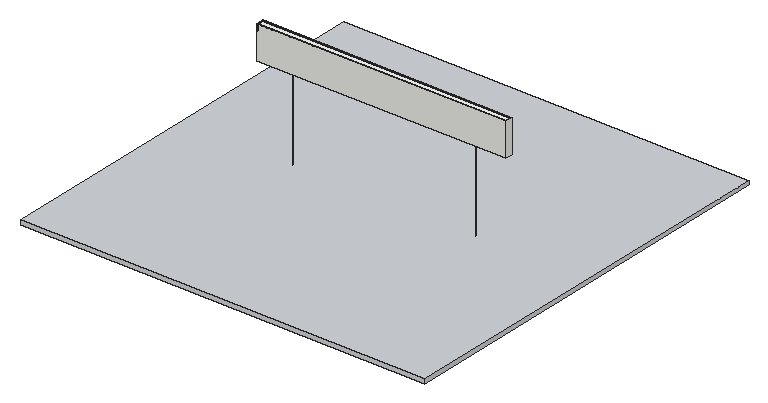
Revit family "BTKP", category Leuchten, Revit 2017
Family settings
  Basisbauteil = Fläche
  Bemaßung runder Anschluss = Durchmesser verwenden
  Teiletyp = Normal
  OmniClass-Nummer = 23.80.70.11
  OmniClass-Titel = Luminaries for Internal Lighting
  Beim Laden mit Abzugskörper schneiden = Nein
  Lichtquelle = Ja
  Gemeinsam genutzt = Nein
  Raumberechnungspunkt = Nein
Parameters (values of type "BTKP 150X20/500-840 MPS-SWF")
  built-in parameter 1140040 [instance] = (empty or 0)
  Width = 42 mm  # constant formula
  Weight = "8.7 kg"
  Wattage = 33.6605 W
  Suspension Distance = 1100 mm
  built-in parameter 1150110 = 1 (stored number, unit not read)
  Voltage = 230 V  # constant formula
  URL = ""
  built-in parameter 1114217 = 1 (stored number, unit not read)
  Tilt Angle = -90.00°
  built-in parameter 1150109 = 1 (stored number, unit not read)
  built-in parameter 1150134 = 12
  Suspension Height [instance] = 500 mm
  Suspension = RIDI Metall silver 9006
  built-in parameter 1150113 = 1 (stored number, unit not read)
  Datei für fotometrisches Netz = "BTKP 120_400-840 MPS.IES"
  Number of Poles = 1
  Modell = "SPK0620023BL"
  Hersteller = "Spectral"  # constant formula
  built-in parameter 1150105 = 1364 (stored number, unit not read)
  Lumens = 5000 lm
  built-in parameter 1150115 = 1 (stored number, unit not read)
  built-in parameter 1150137 = (empty or 0)
  built-in parameter 1150139 = (empty or 0)
  Length = 1500 mm
  built-in parameter 1150112 = 1 (stored number, unit not read)
  built-in parameter 1150114 = 1 (stored number, unit not read)
  Lampe = "LED-Modul"
  built-in parameter 1150132 = 2
  built-in parameter 1150102 = (empty or 0)
  built-in parameter 1150107 = 4000 (stored number, unit not read)
  built-in parameter 1150138 = (empty or 0)
  built-in parameter 1150106 = 13.64 (stored number, unit not read)
  IP Rating = "IP 20"  # constant formula
  IK Code = ""
  Height = 200 mm
  Energy Class = "A++ - A"  # constant formula
  Von Breite des Rechtecks ausssenden = Length - 4 mm  # 1496 mm
  Von Länge des Rechtecks aussenden = Width - 4 mm  # 38 mm
  Emissionsform beim Rendern sichtbar = no
  built-in parameter 1150104 = 13.8 (stored number, unit not read)
  Farbtemperaturverschiebung bei Dämpfen der Lampe = <Keine Auswahl>
  Beschreibung = "Suspended luminaire"  # constant formula
  Default Elevation = 0 mm
  Cover = RIDI Light Emitting Surface
  Copyright = "© RIDI. All rights reserved."  # constant formula
  Farbfilter = 16777215
  Certification = "CE"  # constant formula
  Body = RAL 9003
  built-in parameter 1114218 = 1 (stored number, unit not read)
  built-in parameter 1150133 = 10 (stored number, unit not read)
  Apparent Load = 33 VA
Types (16, lengths in mm): name | Weight | Wattage | Suspension Distance | Datei für fotometrisches Netz | Modell | built-in parameter 1150105 | Lumens | Length | built-in parameter 1150106 | Height | Von Breite des Rechtecks ausssenden | Apparent Load
  BTKP 120X20/400-840 DPO-SWF | "7.2 kg" | 26.9284 W | 800 | "BTKP 120x20_400-840 DPO-SWF.IES" | "SPK0620014BL\r\nSPK0620014BL\r\nSPK0620014BL\r\nSPK0620014BL\r\nSPK0620014BL\r\nSPK0620014BL" | 318.31 (stored number, unit not read) | 4000 lm | 1200 | 3.1831 (stored number, unit not read) | 200 | 1196 | 27 VA
  BTKP 120X20/400-840 MPS-SWF | "7.2 kg" | 26.9284 W | 800 | "BTKP 120_400-840 MPS.IES" | "SPK0620015BL" | 318.31 (stored number, unit not read) | 4000 lm | 1200 | 3.1831 (stored number, unit not read) | 200 | 1196 | 27 VA
  BTKP 120X20/400-840 DPO-DA-SWF | "7.2 kg" | 26.9284 W | 800 | "BTKP 120x20_400-840 DPO-SWF.IES" | "SPK0630014BL\r\nSPK0620014BL\r\nSPK0620014BL\r\nSPK0620014BL\r\nSPK0620014BL\r\nSPK0620014BL" | 318.31 (stored number, unit not read) | 4000 lm | 1200 | 3.1831 (stored number, unit not read) | 200 | 1196 | 27 VA
  BTKP 120X20/400-840 MPS-DA-SWF | "7.2 kg" | 26.9284 W | 800 | "BTKP 120_400-840 MPS.IES" | "SPK0630015BL" | 318.31 (stored number, unit not read) | 4000 lm | 1200 | 3.1831 (stored number, unit not read) | 200 | 1196 | 27 VA
  BTKP 120X30/400-840 DPO-DA-SWF | "8.9 kg" | 26.9284 W | 800 | "BTKP 120x20_400-840 DPO-SWF.IES" | "SPK0630019BL" | 318.31 (stored number, unit not read) | 4000 lm | 1200 | 3.1831 (stored number, unit not read) | 300 | 1196 | 27 VA
  BTKP 120X30/400-840 DPO-SWF | "8.9 kg" | 26.9284 W | 800 | "BTKP 120x20_400-840 DPO-SWF.IES" | "SPK0620019BL" | 318.31 (stored number, unit not read) | 4000 lm | 1200 | 3.1831 (stored number, unit not read) | 300 | 1196 | 27 VA
  BTKP 120X30/400-840 MPS-DA-SWF | "8.9 kg" | 26.9284 W | 800 | "BTKP 120_400-840 MPS.IES" | "SPK0630018BL" | 318.31 (stored number, unit not read) | 4000 lm | 1200 | 3.1831 (stored number, unit not read) | 300 | 1196 | 27 VA
  BTKP 120X30/400-840 MPS-SWF | "8.9 kg" | 26.9284 W | 800 | "BTKP 120_400-840 MPS.IES" | "SPK0620018BL" | 318.31 (stored number, unit not read) | 4000 lm | 1200 | 3.1831 (stored number, unit not read) | 300 | 1196 | 27 VA
  BTKP 150X20/500-840 DPO-DA-SWF | "8.7 kg" | 33.6605 W | 1100 | "BTKP 120x20_400-840 DPO-SWF.IES" | "SPK0630022BL" | 1364 (stored number, unit not read) | 5000 lm | 1500 | 13.64 (stored number, unit not read) | 200 | 1496 | 33 VA
  BTKP 150X20/500-840 DPO-SWF | "8.7 kg" | 33.6605 W | 1100 | "BTKP 120x20_400-840 DPO-SWF.IES" | "SPK0620022BL" | 1364 (stored number, unit not read) | 5000 lm | 1500 | 13.64 (stored number, unit not read) | 200 | 1496 | 33 VA
  BTKP 150X20/500-840 MPS-DA-SWF | "8.7 kg" | 33.6605 W | 1100 | "BTKP 120_400-840 MPS.IES" | "SPK0630023BL" | 1364 (stored number, unit not read) | 5000 lm | 1500 | 13.64 (stored number, unit not read) | 200 | 1496 | 33 VA
  BTKP 150X20/500-840 MPS-SWF | "8.7 kg" | 33.6605 W | 1100 | "BTKP 120_400-840 MPS.IES" | "SPK0620023BL" | 1364 (stored number, unit not read) | 5000 lm | 1500 | 13.64 (stored number, unit not read) | 200 | 1496 | 33 VA
  BTKP 150X30/500-840 DPO-DA-SWF | "10.8 kg" | 33.6605 W | 1100 | "BTKP 120x20_400-840 DPO-SWF.IES" | "SPK0630026BL" | 1364 (stored number, unit not read) | 5000 lm | 1500 | 13.64 (stored number, unit not read) | 300 | 1496 | 33 VA
  BTKP 150X30/500-840 DPO-SWF | "10.8 kg" | 33.6605 W | 1100 | "BTKP 120x20_400-840 DPO-SWF.IES" | "SPK0620026BL" | 1364 (stored number, unit not read) | 5000 lm | 1500 | 13.64 (stored number, unit not read) | 300 | 1496 | 33 VA
  BTKP 150X30/500-840 MPS-DA-SWF | "10.8 kg" | 33.6605 W | 1100 | "BTKP 120_400-840 MPS.IES" | "SPK0630027BL" | 1364 (stored number, unit not read) | 5000 lm | 1500 | 13.64 (stored number, unit not read) | 300 | 1496 | 33 VA
  BTKP 150X30/500-840 MPS-SWF | "10.8 kg" | 33.6605 W | 1100 | "BTKP 120_400-840 MPS.IES" | "SPK0620027BL" | 1364 (stored number, unit not read) | 5000 lm | 1500 | 13.64 (stored number, unit not read) | 300 | 1496 | 33 VA
Reference planes
  plane 1 "Center (Front/Back)": y = 0
  plane 2 "Top": z = 0
  plane 3 "Center (Left/Right)": x = 0
  plane 4: z = -25
  plane 5 "x": z = 500
  plane 6 "Lichtaustrittsebene": z = 700
  plane 7 "Sus L": x = -550
  plane 8 "Sus R": x = 550
Forms (mm)
  Extrusion 1, solid
    sketch origin (0, 0, 0) x (1, 0, 0) y (0, 1, 0)
      loop
        line (-1219.2, 1219.2) -> (-1219.2, -1219.2) -> (1219.2, -1219.2) -> (1219.2, 1219.2) -> (-1219.2, 1219.2)
    from 0 to -25
  Extrusion 2, solid, material "RAL 9003" <- "Body"
    sketch origin (0, 0, 500) x (-1, 0, 0) y (0, -1, 0)
      loop
        line (750, 20.955) -> (-750, 20.955) -> (-750, -21) -> (750, -21) -> (750, 20.955)
    from 0 to 200
  Extrusion 3, void
    sketch origin (-150, 0, 700) x (-1, 0, 0) y (0, -1, 0)
      loop
        line (598, -16.971) -> (598, 17.078) -> (-898, 17.078) -> (-898, -16.971) -> (598, -16.971)
    from -40 to 0
  Extrusion 4, solid, material "RIDI Light Emitting Surface" <- "Cover"
    sketch origin (0, 0, 700) x (-1, 0, 0) y (0, -1, 0)
      loop
        line (748, -16.971) -> (748, 17.078) -> (-748, 17.078) -> (-748, -16.971) -> (748, -16.971)
    from -1 to -3
  Extrusion 5, solid, material "RIDI Metall silver 9006" <- "Suspension"
    sketch origin (0, 0, 500) x (-1, 0, 0) y (0, -1, 0)
      loop
        circle (550, 0) r 1.042
      loop
        circle (-550, 0) r 1.042
    from 0 to -500
Cuts and joins
  Extrusion 3 cuts Extrusion 2
Dimensions and locks
  "Suspension Height": plane 5 "x" to plane 2 "Top"
  "Height": Extrusion 2 to plane 5 "x"
  equal spacing: Extrusion 2, plane 3 "Center (Left/Right)", Extrusion 2
  "Length": Extrusion 2 to Extrusion 2
  "Height": imposter light to plane 5 "x"
  "Height": plane 6 "Lichtaustrittsebene" to plane 5 "x"
  locked: cut or joined group of Extrusion 2, Extrusion 3 to cut or joined group of Extrusion 2, Extrusion 3 at 2  (x2)
  equal spacing: plane 7 "Sus L", plane 3 "Center (Left/Right)", plane 8 "Sus R"
  "Suspension Distance": plane 7 "Sus L" to plane 8 "Sus R"
  aligned and locked: plane 2 "Top" to Extrusion 1
  aligned and locked: level to Extrusion 1
  aligned and locked: cut or joined group of Extrusion 2, Extrusion 3 to Extrusion 4  (x2)
  aligned and locked: Extrusion 5 to level
  aligned and locked: plane 5 "x" to Extrusion 5
Automatic sketch dimensions
  Extrusion 1 sketch curve to Extrusion 1 sketch curve = 2438.4 mm  (x2)
  Extrusion 3 sketch curve to plane 1 "Center (Front/Back)" = 16.971 mm
  plane 3 "Center (Left/Right)" to Extrusion 3 sketch curve = 748 mm
  plane 1 "Center (Front/Back)" to Extrusion 3 sketch curve = 17.078 mm
  Extrusion 3 sketch curve to plane 3 "Center (Left/Right)" = 748 mm
  plane 1 "Center (Front/Back)" to Extrusion 2 sketch curve = 20.955 mm
  plane 3 "Center (Left/Right)" to Extrusion 2 sketch curve = 750 mm
  Extrusion 2 sketch curve to plane 1 "Center (Front/Back)" = 21 mm
  Extrusion 2 sketch curve to plane 3 "Center (Left/Right)" = 750 mm
  Extrusion 4 sketch curve to plane 1 "Center (Front/Back)" = 16.971 mm
  plane 3 "Center (Left/Right)" to Extrusion 4 sketch curve = 748 mm
  plane 1 "Center (Front/Back)" to Extrusion 4 sketch curve = 17.078 mm
  Extrusion 4 sketch curve to plane 3 "Center (Left/Right)" = 748 mm
  plane 1 "Center (Front/Back)" to Extrusion 5 sketch curve = 0 mm  (x2)
  Extrusion 5 sketch curve to plane 8 "Sus R" = 0 mm
  Extrusion 5 sketch curve to plane 7 "Sus L" = 0 mm
  radius of Extrusion 5 sketch curve = 1.042 mm  (x2)
Connectors
  electrical at (-550, 0, 0), driven by "Voltage", driven by "Apparent Load"
    settings: on Extrusion 5, index 1, voltage 230 V, apparent load 0 VA, apparent load phase1 33 VA, apparent load phase2 0 VA, apparent load phase3 0 VA, power factor 1, load classification "Sonstige", number of poles 1, system type 31, power factor state 1, is connector primary yes, connector utility no, sub classification motor no, connector description ""
